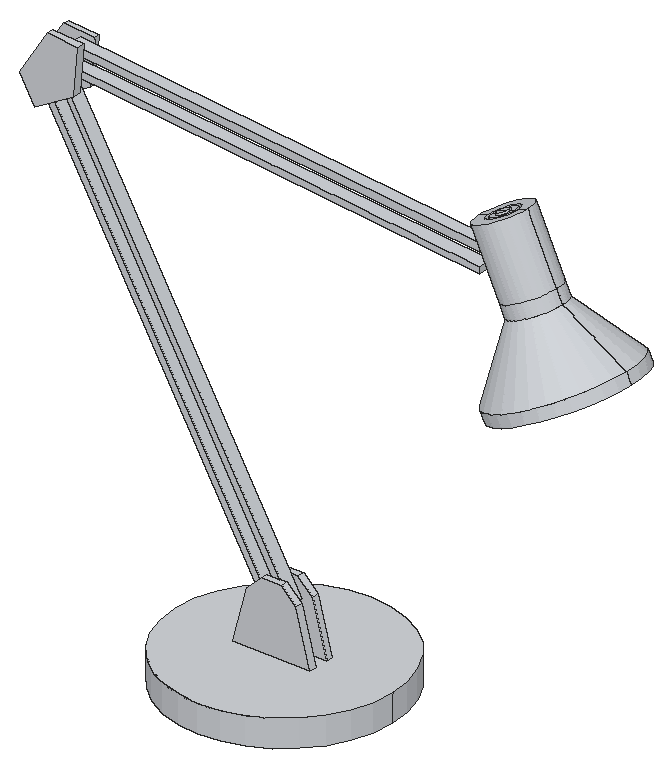
Revit family
Parameters
  Wattage = 12.1178 W
  built-in parameter 1150110 = 1 (stored number, unit not read)
  Upper Arm Angle = 55.00°
  built-in parameter 1114217 = 1 (stored number, unit not read)
  built-in parameter 1150109 = 1 (stored number, unit not read)
  built-in parameter 1150134 = 3
  built-in parameter 1150113 = 1 (stored number, unit not read)
  built-in parameter 1150105 = 21881.2 (stored number, unit not read)
  Lumens = 1800 lm
  built-in parameter 1010506 = 0.5236 (stored number, unit not read)
  built-in parameter 1010507 = 0.34907 (stored number, unit not read)
  Tilt Angle = Upper Arm Angle + Head Angle - Lower Arm Angle  # 115.00°
  built-in parameter 1150115 = 1 (stored number, unit not read)
  Lower Arm Angle = 60.00°
  Lighting Offset [instance] = (457.2 mm * cos(Upper Arm Angle - Lower Arm Angle)) - (457.2 mm * cos(Lower Arm Angle))  # 226.86 mm
  Light Source Symbol Length = 3048 mm
  built-in parameter 1150137 = (empty or 0)
  built-in parameter 1150139 = (empty or 0)
  Light Height [instance] = 63.5 mm + (457.2 mm * (sin(Lower Arm Angle))) + (457.2 mm * sin(Upper Arm Angle - Lower Arm Angle))  # 419.599 mm
  built-in parameter 1150112 = 1 (stored number, unit not read)
  built-in parameter 1150114 = 1 (stored number, unit not read)
  Keynote = "V"
  built-in parameter 1150132 = 2
  built-in parameter 1150102 = (empty or 0)
  built-in parameter 1150107 = 3200 (stored number, unit not read)
  built-in parameter 1150138 = (empty or 0)
  built-in parameter 1150106 = 218.81 (stored number, unit not read)
  Head Angle = 120.00°
  built-in parameter 1150104 = 13.8 (stored number, unit not read)
  Dimming Lamp Color Temperature Shift = (empty or 0)
  Color Filter = 16777215
  built-in parameter 1114218 = 1 (stored number, unit not read)
  built-in parameter 1150133 = 10 (stored number, unit not read)
Reference planes
  plane 1 "Tilt Plane": y = 0
  plane 2: z = 0
  plane 3 "Light Source Axis (L/R)": x = -230.34
  plane 4 "Light Source Elevation": z = 419.599
  plane 5 "Base": x = -457.2
  plane 6 "base hinge": z = 63.5
Forms (mm)
  Extrusion 1, solid
    sketch origin (0, 0, 0) x (1, 0, 0) y (0, 1, 0)
      loop
        circle (-457.2, 0) r 101.6
    from 0 to 25.4
  Extrusion 2, solid
    sketch origin (0, 0, 0) x (1, 0, 0) y (0, 0, 1)
      loop
        line (-495.3, 25.4) -> (-423.013, 25.4) -> (-436.161, 74.469) -> (-449.632, 87.939) -> (-468.682, 87.939) -> (-482.152, 74.469) -> (-495.3, 25.4)
    from -6.35 to -12.7
  Extrusion 3, solid
    sketch origin (0, 0, 0) x (1, 0, 0) y (0, 0, 1)
      loop
        line (-495.3, 25.4) -> (-423.013, 25.4) -> (-436.161, 74.469) -> (-449.632, 87.939) -> (-468.682, 87.939) -> (-482.152, 74.469) -> (-495.3, 25.4)
    from 6.35 to 12.7
  Extrusion 4, solid
    sketch origin (-457.2, 0, 63.5) x (-0.5, 0, 0.866025) y (-0.866025, 0, -0.5)
      loop
        line (0, -6.35) -> (0, -12.7) -> (419.1, -12.7) -> (419.1, -6.35) -> (0, -6.35)
      loop
        line (-19.05, 12.7) -> (-19.05, 6.35) -> (419.1, 6.35) -> (419.1, 12.7) -> (-19.05, 12.7)
    from -6.35 to 6.35
  Extrusion 5, solid
    sketch origin (-685.8, 0, 459.447) x (0.996195, 0, -0.087156) y (0.087156, 0, 0.996195)
      loop
        line (31.75, -6.35) -> (31.75, -12.7) -> (419.1, -12.7) -> (419.1, -6.35) -> (31.75, -6.35)
      loop
        line (31.75, 12.7) -> (31.75, 6.35) -> (418.155, 6.35) -> (418.155, 12.7) -> (31.75, 12.7)
    from -6.35 to 6.35
  Revolve 6, solid
    sketch origin (-230.34, 0, 419.599) x (0.422618, 0, -0.906308) y (0.906308, 0, 0.422618)
      loop
        line (-50.8, -5.755) -> (-50.8, -11.509) -> (-48.419, -11.509) -> (-48.419, 0) -> (-50.8, 0) -> (-52.019, 0) -> (-52.019, -5.755) -> (-50.8, -5.755)
      loop
        line (-50.8, -25.4) -> (12.7, -25.4) -> (25.4, -25.4) -> (82.618, -65.464) -> (93.493, -65.464) -> (93.493, -63.083) -> (83.369, -63.083) -> (26.151, -23.019) -> (-48.419, -23.019) -> (-48.419, -14.474) -> (-50.8, -14.474) -> (-50.8, -25.4)
      axis (-52.019, 0) -> (93.493, 0)
    angle from 0 to 360
  Extrusion 7, solid
    sketch origin (-457.2, -6.35, 63.5) x (-0.5, 0, 0.866025) y (-0.866025, 0, -0.5)
      loop
        line (446.226, -45.997) -> (462.225, -22.247) -> (439.089, 21.235) -> (411.223, 21.235) -> (411.223, -21.488) -> (446.226, -45.997)
    from 0 to 6.35
  Extrusion 8, solid
    sketch origin (0, 0, 0) x (1, 0, 0) y (0, 0, 1)
      loop
        line (-669.047, 474.922) -> (-695.135, 433.145) -> (-681.202, 409.012) -> (-644.202, 430.374) -> (-640.478, 472.941) -> (-669.047, 474.922)
    from -11.592 to -6.35
Lines and regions (mm)
  reference lines
    curve 1: line (-457.2, 0, 63.5) -> (-685.8, 0, 459.447)
    curve 2: line (-685.8, 0, 459.447) -> (-230.34, 0, 419.599)
    curve 3: line (-230.34, 0, 419.599) -> (-187.402, 0, 327.518)
Text (mm)
  text "0 Tilt Angle" at (809.978, -4572, 1586.413), in view "Front"
  text "270" at (-331.585, -4572, 2488.248), in view "Front"
  text "180" at (-1130.68, -4572, 1586.413), in view "Front"
  text "90" at (197.024, -4572, 435.742), in view "Front"
  text "0 Tilt Angle" at (1952.354, 4572, 1542.98), in view "Back"
  text "180" at (-876.627, 4572, 1524.796), in view "Back"
  text "270" at (367.014, 4572, 2698.908), in view "Back"
  text "90" at (304.215, 4572, 666.926), in view "Back"
Dimensions and locks
  curve 1 to curve 1 = 457.2 mm
  "Light Height": plane 4 "Light Source Elevation" to plane 2
  "Lighting Offset": plane 5 "Base" to plane 3 "Light Source Axis (L/R)"
  "Lower Arm Angle": angle curve 1 to plane 6 "base hinge"
  "Upper Arm Angle": angle curve 1 to curve 2
  "Head Angle": angle curve 2 to curve 3
  aligned and locked: Extrusion 8 sketch curve to Extrusion 7  (x5)
  aligned and locked: plane 3 "Light Source Axis (L/R)" to imposter light
  aligned and locked: plane 1 "Tilt Plane" to imposter light
  aligned and locked: plane 4 "Light Source Elevation" to imposter light
Automatic sketch dimensions
  curve 1 to plane 5 "Base" = 0 mm
  curve 1 to plane 6 "base hinge" = 0 mm
  curve 2 to curve 1 = 0 mm  (x2)
  curve 3 to curve 2 = 0 mm  (x2)
  Extrusion 1 sketch curve to plane 1 "Tilt Plane" = 0 mm
  Extrusion 1 sketch curve to plane 5 "Base" = 0 mm
  plane 5 "Base" to Extrusion 2 sketch curve = 38.1 mm
  plane 6 "base hinge" to Extrusion 2 sketch curve = 10.969 mm  (x2)
  plane 5 "Base" to Extrusion 2 sketch curve = 24.952 mm
  plane 5 "Base" to Extrusion 2 sketch curve = 11.482 mm
  Extrusion 2 sketch curve to plane 5 "Base" = 7.568 mm
  Extrusion 2 sketch curve to Extrusion 2 sketch curve = 13.47 mm  (x2)
  Extrusion 2 sketch curve to plane 5 "Base" = 34.187 mm
  level to Extrusion 2 sketch curve = 25.4 mm
  plane 5 "Base" to Extrusion 3 sketch curve = 38.1 mm
  plane 6 "base hinge" to Extrusion 3 sketch curve = 10.969 mm  (x2)
  plane 5 "Base" to Extrusion 3 sketch curve = 24.952 mm
  plane 5 "Base" to Extrusion 3 sketch curve = 11.482 mm
  Extrusion 3 sketch curve to plane 5 "Base" = 7.568 mm
  Extrusion 3 sketch curve to Extrusion 3 sketch curve = 13.47 mm  (x2)
  Extrusion 3 sketch curve to plane 5 "Base" = 34.187 mm
  level to Extrusion 3 sketch curve = 25.4 mm
  Extrusion 4 sketch curve to curve 1 = 0 mm
  Extrusion 4 sketch curve to curve 1 = 12.7 mm
  Extrusion 4 sketch curve to curve 1 = 6.35 mm  (x2)
  Extrusion 4 sketch curve to curve 1 = 19.05 mm
  Extrusion 4 sketch curve to curve 1 = 38.1 mm  (x2)
  Extrusion 4 sketch curve to Extrusion 4 sketch curve = 6.35 mm
  curve 2 to Extrusion 5 sketch curve = 6.35 mm
  curve 2 to Extrusion 5 sketch curve = 31.75 mm
  Extrusion 5 sketch curve to Extrusion 5 sketch curve = 0 mm
  Extrusion 5 sketch curve to curve 2 = 38.1 mm
  Extrusion 5 sketch curve to curve 2 = 6.35 mm
  Extrusion 5 sketch curve to Extrusion 5 sketch curve = 0.945 mm
  Extrusion 5 sketch curve to Extrusion 5 sketch curve = 6.35 mm  (x2)
  curve 3 to Revolve 6 sketch curve = 5.755 mm
  Revolve 6 sketch curve to curve 3 = 52.019 mm
  Revolve 6 sketch curve to Revolve 6 sketch curve = 1.219 mm  (x2)
  Revolve 6 sketch curve to Revolve 6 sketch curve = 0 mm
  Revolve 6 sketch curve to Revolve 6 sketch curve = 2.381 mm  (x4)
  curve 3 to Revolve 6 sketch curve = 12.7 mm
  Revolve 6 sketch curve to Revolve 6 sketch curve = 12.7 mm
  Revolve 6 sketch curve to Revolve 6 sketch curve = 0.751 mm  (x2)
  Revolve 6 sketch curve to curve 3 = 18.982 mm
  Revolve 6 sketch curve to curve 3 = 8.107 mm
  Revolve 6 sketch curve to Revolve 6 sketch curve = 5.755 mm
  Revolve 6 sketch curve to Revolve 6 sketch curve = 2.965 mm
  curve 3 to Revolve 6 sketch curve = 23.019 mm
  Revolve 6 sketch curve to curve 3 = 63.083 mm
  Revolve 6 sketch curve to curve 3 = 0 mm  (x4)
  Extrusion 7 sketch curve to Extrusion 4 = 7.877 mm
  Extrusion 4 to Extrusion 7 sketch curve = 19.989 mm
  Extrusion 4 to Extrusion 7 sketch curve = 8.535 mm
  Extrusion 4 to Extrusion 7 sketch curve = 27.126 mm
  Extrusion 7 sketch curve to Extrusion 7 sketch curve = 23.751 mm
  Extrusion 4 to Extrusion 7 sketch curve = 8.788 mm
  Extrusion 7 sketch curve to Extrusion 7 sketch curve = 16 mm
  Extrusion 4 to Extrusion 7 sketch curve = 9.547 mm
  radius of Extrusion 1 sketch curve = 101.6 mm
